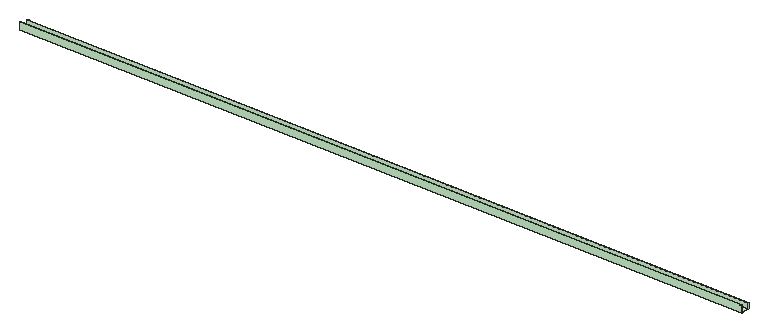
Revit family "sqrunner_45", category 機械設備, Revit 2022
Family settings
  丸型コネクタ寸法 = 直径を使用
  種別 = なし
  パーツ タイプ = 標準
  作業面ベース = いいえ
  常に垂直 = はい
  ロード時にボイドで切り取り = いいえ
  注釈の向きを維持 = いいえ
  共有 = いいえ
  部屋計算ポイント = いいえ
Parameters
  製造元 = "株式会社桐井製作所"
  既定の高さ = 0 mm
  URL = "https://www.kirii.co.jp/"
  K_長さ(mm) [instance] = 4000 mm
  K_材質 = "SGCC　一般用"
  K_外形寸法(mm) = "47×40×30"
  K_品名 = "SQ-ランナー45"
  K_名称 = "角型スタッド用ランナー"
  K_バージョン情報 = "20210524"
  K_めっき付着量 = "Z08"
  K_JIS規格 = "JIS G 3302"
Reference planes
  plane 1 "中心(正面/背面)": y = 0
  plane 2: z = 0
  plane 3 "中心(左/右)": x = 0
  plane 4: x = 4000
  plane 5: y = 23.5
  plane 6: y = -23.5
Forms (mm)
  Extrusion 1, solid
    sketch origin (0, 0, 0) x (0, 1, 0) y (0, 0, 1)
      loop
        line (-23.5, 0) -> (23.5, 0) -> (23.5, 30) -> (22.7, 30) -> (22.7, 0.8) -> (-22.7, 0.8) -> (-22.7, 40) -> (-23.5, 40) -> (-23.5, 0)
    from 0 to 4000
Dimensions and locks
  "K_長さ(mm)": plane 3 "中心(左/右)" to plane 4
  aligned and locked: level to plane 2
  aligned and locked: plane 4 to Extrusion 1
  aligned and locked: Extrusion 1 to plane 4
Automatic sketch dimensions
  Extrusion 1 sketch curve to level = 0 mm
  Extrusion 1 sketch curve to plane 6 = 0 mm
  Extrusion 1 sketch curve to Extrusion 1 sketch curve = 0.8 mm  (x2)
  level to Extrusion 1 sketch curve = 0.8 mm
  Extrusion 1 sketch curve to Extrusion 1 sketch curve = 39.2 mm
  Extrusion 1 sketch curve to Extrusion 1 sketch curve = 29.2 mm
  Extrusion 1 sketch curve to plane 5 = 0 mm
